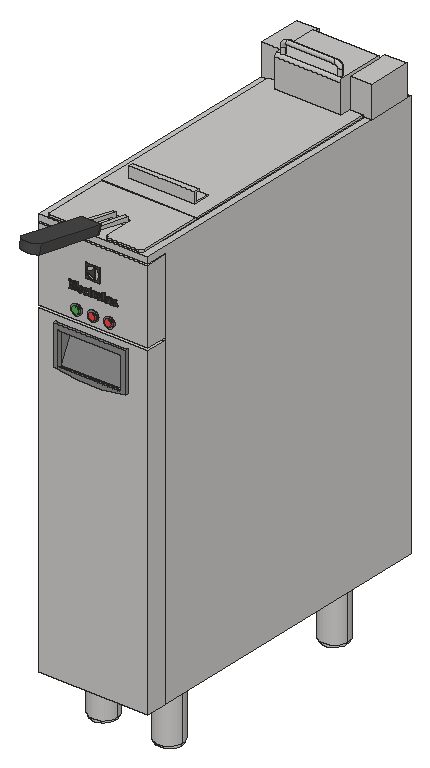
Revit family "QF_ELECTROLUXPROFESSIONAL_285561_EXFRPB1BWF", category Specialty Equipment, Revit 2018
Family settings
  Round Connector Dimension = Use Diameter
  Part Type = Normal
  Work Plane-Based = No
  Always vertical = Yes
  Cut with Voids When Loaded = No
  Shared = No
  Room Calculation Point = No
Parameters
  Weight = 0.00 kg
  Watts = 0 W
  Volts = 220 V
  URL Manufacturer = "http://professional.electrolux.com/"
  URL = "http://professional.electrolux.com/"
  Steam Supply Size = 0"
  Steam Supply Minimum Pressure = 0.00 psi
  Steam Supply Maximum Pressure = 0.00 psi
  Steam Pounds per Hour = 0
  Show Logo [instance] = yes
  Show Clearance [instance] = yes
  Refrigeration Suction Line Size = 0"
  Refrigeration Liquid Line Size = 0"
  Refrigerant Compressor Remote = yes
  Phase = 0
  Model = "EXFRPB1BWF"
  Manufacturer = "Electrolux"
  Length Actual = 200 mm  # constant formula
  Item Number = "285561"
  Hot Water Size = 0"
  Height Actual = 930 mm  # constant formula
  HP = "9.9 HP"
  Gas Size = 0"
  Gas KW = 0
  Gas Input Pressure = 0.0 Btu/h
  Direct Waste Size = 0"
  Description = "9LT ELECTRIC FRYER-1 WELL+1BASKET"
  Depth Actual = 600 mm  # constant formula
  Cycle = 0 Hz
  Condensate Return Size = 0"
  Compressed Air Volume = 0 GPM
  Compressed Air Size = 0"
  Compressed Air Pressure = 0.00 psi
  Cold Water Size = 0"
  Accessory = yes
Reference planes
  plane 1 "BACK": y = 0
  plane 2: z = 0
  plane 3 "LEFT": x = 0
  plane 4 "RIGHT": x = 200
  plane 5 "FRONT": y = -600
  plane 6 "TOP": z = 907
  plane 7 "Center Y": x = 100
  plane 8 "Center X": y = -300
  plane 9 "TOP A": z = 850
  plane 10: z = 100
  plane 11: y = -124
  plane 12: y = -501
  plane 13: y = -943
  plane 14: x = 160
  plane 15: x = 40
  plane 16: z = 915.999
  plane 17: z = 935
  plane 18: x = 155
  plane 19: y = -781
  plane 20: y = -755
  plane 21: y = 95
  plane 22: z = 700
  plane 23: x = 40
  plane 24: z = 935
Forms (mm)
  Extrusion 1, solid, material "QF_Finishes_Stainless Steel"
    sketch origin (0, 0, 0) x (0, 1, 0) y (0, 0, 1)
      loop
        line (0, 850) -> (-600, 850) -> (-600, 838.077) -> (-560.15, 838.077) -> (-560.15, 100) -> (0, 100) -> (0, 850)
      loop
        line (-600, 695) -> (-600, 100) -> (-561.737, 100) -> (-561.737, 695) -> (-600, 695)
      loop
        line (-561.737, 700) -> (-561.737, 835) -> (-600, 835) -> (-600, 700) -> (-561.737, 700)
    from 0 to 200
  Extrusion 2, void
    sketch origin (0, 0, 850) x (-1, 0, 0) y (0, -1, 0)
      loop
        line (-10.5, 88.124) -> (-10.5, 550.573) -> (-189.691, 550.573) -> (-189.691, 88.124) -> (-10.5, 88.124)
    from 0 to -150
  Extrusion 3, solid, material "QF_Clearances", visible <- "Show Clearance", detail levels coarse
    sketch origin (0, 0, 0) x (1, 0, 0) y (0, 1, 0)
      loop
        line (0, 0) -> (200, 0) -> (200, 95) -> (0, 95) -> (0, 0)
    from 0 to 907
  Extrusion 4, solid, material "QF_Door-Drawer Clearances", visible <- "Show Clearance", detail levels coarse
    sketch origin (0, 0, 850) x (-1, 0, 0) y (0, -1, 0)
      loop
        line (-190.5, 600) -> (-9.5, 600)
        arc (-9.5, 600) -> (-62.514, 727.986) -> (-190.5, 781) r 181
        line (-190.5, 781) -> (-190.5, 600)
    from -750 to -155
  Extrusion 5, solid, material "QF_Finishes_Stainless Steel"
    sketch origin (100, -139.304, 888.806) x (0, 1, 0) y (-1, 0, 0)
      loop
        line (49.304, 100) -> (49.304, 60) -> (129.304, 60) -> (129.304, 100) -> (49.304, 100)
      loop
        line (49.304, -100) -> (129.304, -100) -> (129.304, -60) -> (49.304, -60) -> (49.304, -100)
    from -38.806 to 18.194
  Revolve 6, solid, material "QF_Finishes_Stainless Steel"
    sketch origin (0, -501, 608.09) x (0, 0, 1) y (1, 0, 0)
      loop
        line (-608.09, 40) -> (-608.09, 17.609) -> (-603.09, 17.609) -> (-603.09, 15) -> (-508.09, 15) -> (-508.09, 40) -> (-608.09, 40)
      axis (-608.09, 40) -> (-508.09, 40)
    angle from 0 to 360
  Extrusion 7, solid, material "QF_Finishes_Stainless Steel"
    sketch origin (0, 600, 100) x (-1, 0, 0) y (0, 1, 0)
      loop
        circle (-155, -650) r 6.35
    from 0 to 8
  Revolve 8, solid, material "QF_Finishes_Stainless Steel"
    sketch origin (200, -501, 608.09) x (0, 0, 1) y (1, 0, 0)
      loop
        line (-608.09, -40) -> (-508.09, -40) -> (-508.09, -15) -> (-603.09, -15) -> (-603.09, -17.609) -> (-608.09, -17.609) -> (-608.09, -40)
      axis (-608.09, -40) -> (-508.09, -40)
    angle from 0 to 360
  Revolve 9, solid, material "QF_Finishes_Stainless Steel"
    sketch origin (0, -124, 608.09) x (0, 0, 1) y (-1, 0, 0)
      loop
        line (-608.09, -40) -> (-508.09, -40) -> (-508.09, -15) -> (-603.09, -15) -> (-603.09, -17.609) -> (-608.09, -17.609) -> (-608.09, -40)
      axis (-608.09, -40) -> (-508.09, -40)
    angle from 0 to 360
  Revolve 10, solid, material "QF_Finishes_Stainless Steel"
    sketch origin (200, -124, 608.09) x (0, 0, 1) y (-1, 0, 0)
      loop
        line (-608.09, 40) -> (-608.09, 17.609) -> (-603.09, 17.609) -> (-603.09, 15) -> (-508.09, 15) -> (-508.09, 40) -> (-608.09, 40)
      axis (-608.09, 40) -> (-508.09, 40)
    angle from 0 to 360
  Extrusion 11, void
    sketch origin (0, 0, 0) x (0, 1, 0) y (0, 0, 1)
      loop
        line (-600, 615) -> (-570, 675) -> (-600, 675) -> (-600, 615)
    from 40 to 155
  Extrusion 12, solid, material "QF_Finishes_grey"
    sketch origin (0, -600, 695) x (0, 0, -1) y (1, 0, 0)
      loop
        line (20, 40) -> (80, 40) -> (80, 155) -> (20, 155) -> (20, 40)
      loop
        line (10, 32) -> (82.581, 32)
        arc (82.581, 32) -> (90.011, 97.5) -> (82.581, 163) r 292.45
        line (82.581, 163) -> (10, 163) -> (10, 32)
    from 0 to 5
  Extrusion 13, solid, material "QF_Finishes_Red"
    sketch origin (39.327, -600, 649.266) x (0, 0, 1) y (-1, 0, 0)
      loop
        circle (68.272, -60.648) r 6.35
    from 0 to 3.175
  Extrusion 14, solid, material "QF_Finishes_grey"
    sketch origin (0, -600, 700) x (0, 0, 1) y (-1, 0, 0)
      loop
        circle (17.537, -99.975) r 6.35
      loop
        circle (17.537, -99.975) r 9.35
    from 0 to 1.394
  Extrusion 15, solid, material "QF_Finishes_Red"
    sketch origin (69.327, -600, 649.266) x (0, 0, 1) y (-1, 0, 0)
      loop
        circle (68.272, -60.648) r 6.35
    from 0 to 3.175
  Extrusion 16, solid, material "QF_Finishes_grey"
    sketch origin (30, -600, 700) x (0, 0, 1) y (-1, 0, 0)
      loop
        circle (17.537, -99.975) r 6.35
      loop
        circle (17.537, -99.975) r 9.35
    from 0 to 1.394
  Extrusion 17, solid, material "QF_Finishes_Green"
    sketch origin (9.327, -600, 649.266) x (0, 0, 1) y (-1, 0, 0)
      loop
        circle (68.272, -60.648) r 6.35
    from 0 to 3.175
  Extrusion 18, solid, material "QF_Finishes_grey"
    sketch origin (-30, -600, 700) x (0, 0, 1) y (-1, 0, 0)
      loop
        circle (17.537, -99.975) r 6.35
      loop
        circle (17.537, -99.975) r 9.35
    from 0 to 1.394
  Extrusion 19, solid, material "QF_Finishes_Black", visible <- "Show Logo"
    sketch origin (-109.987, -600, 729.585) x (0, 0, 1) y (-1, 0, 0)
      loop
        arc (33.355, -167.066) -> (33.007, -166.709) -> (32.64, -167.047) r 0.358
        arc (32.64, -167.047) -> (32.326, -167.797) -> (31.609, -168.182) r 1.216
        line (31.609, -168.182) -> (21.197, -168.182)
        arc (21.197, -168.182) -> (20.537, -167.904) -> (20.141, -167.308) r 1.238
        arc (20.141, -167.308) -> (19.746, -167.057) -> (19.44, -167.411) r 0.358
        line (19.44, -167.411) -> (19.44, -177.29) -> (22.191, -177.29) -> (22.191, -176.393)
        arc (22.191, -176.393) -> (21.282, -175.813) -> (20.827, -174.836) r 1.928
        line (20.827, -174.836) -> (20.827, -172.337)
        arc (20.827, -172.337) -> (21.102, -171.608) -> (21.791, -171.244) r 1.101
        line (21.791, -171.244) -> (25.877, -171.244) -> (25.877, -174.917)
        arc (25.877, -174.917) -> (25.525, -175.414) -> (24.959, -175.642) r 1.083
        arc (24.959, -175.642) -> (24.696, -175.948) -> (24.988, -176.226) r 0.292
        line (24.988, -176.226) -> (27.95, -176.226)
        arc (27.95, -176.226) -> (28.253, -175.953) -> (28.014, -175.623) r 0.305
        arc (28.014, -175.623) -> (27.524, -175.375) -> (27.219, -174.917) r 1.083
        line (27.219, -174.917) -> (27.219, -171.244) -> (31.896, -171.244) -> (31.896, -174.991)
        arc (31.896, -174.991) -> (31.682, -175.747) -> (31.075, -176.245) r 1.314
        arc (31.075, -176.245) -> (30.856, -176.649) -> (31.211, -176.941) r 0.361
        line (31.211, -176.941) -> (33.355, -176.941) -> (33.355, -167.066)
      loop
        arc (32.638, -177.722) -> (32.257, -178.641) -> (31.339, -179.021) r 1.299
        line (31.339, -179.021) -> (21.76, -179.021)
        arc (21.76, -179.021) -> (20.922, -178.643) -> (20.65, -177.765) r 1.118
        line (20.65, -177.765) -> (19.44, -177.765) -> (19.44, -183.115) -> (20.629, -183.115)
        arc (20.629, -183.115) -> (20.9, -182.198) -> (21.77, -181.802) r 1.153
        line (21.77, -181.802) -> (33.843, -181.802) -> (32.638, -177.722)
      loop
        line (24.405, -185.751) -> (24.405, -192.198) -> (25.204, -192.198)
        arc (25.204, -192.198) -> (27.785, -191.214) -> (29.053, -188.76) r 3.874
        line (29.053, -188.76) -> (29.053, -187)
        arc (29.053, -187) -> (27.867, -184.135) -> (25.002, -182.949) r 4.051
        line (25.002, -182.949) -> (22.994, -182.949)
        arc (22.994, -182.949) -> (20.176, -184.434) -> (19.124, -187.441) r 4.352
        arc (19.124, -187.441) -> (19.489, -189.904) -> (20.866, -191.978) r 5.713
        line (20.866, -191.978) -> (21.815, -191.978)
        arc (21.815, -191.978) -> (21.082, -190.409) -> (20.866, -188.691) r 5.579
        arc (20.866, -188.691) -> (21.66, -186.728) -> (23.539, -185.751) r 3.057
        line (23.539, -185.751) -> (24.405, -185.751)
      loop
        line (25.665, -185.751) -> (25.665, -189.333)
        arc (25.665, -189.333) -> (27.121, -189.38) -> (28.004, -188.221) r 1.59
        line (28.004, -188.221) -> (28.004, -187.391)
        arc (28.004, -187.391) -> (27.14, -186.136) -> (25.665, -185.751) r 2.184
      loop
        arc (28.455, -201.616) -> (28.944, -199.942) -> (29.102, -198.205) r 9.023
        line (29.102, -198.205) -> (29.102, -196.843)
        arc (29.102, -196.843) -> (27.942, -194.043) -> (25.143, -192.883) r 3.959
        line (25.143, -192.883) -> (22.543, -192.883)
        arc (22.543, -192.883) -> (20.261, -194.176) -> (19.143, -196.548) r 4.331
        line (19.143, -196.548) -> (19.143, -198.684)
        arc (19.143, -198.684) -> (19.652, -200.234) -> (20.573, -201.58) r 5.772
        arc (20.573, -201.58) -> (21.335, -201.631) -> (21.422, -200.872) r 0.553
        arc (21.422, -200.872) -> (21.034, -200.138) -> (20.9, -199.319) r 2.573
        line (20.9, -199.319) -> (20.9, -197.804)
        arc (20.9, -197.804) -> (21.906, -196.162) -> (23.72, -195.52) r 2.884
        line (23.72, -195.52) -> (24.999, -195.52)
        arc (24.999, -195.52) -> (26.82, -196.08) -> (27.747, -197.745) r 2.554
        line (27.747, -197.745) -> (27.747, -198.798)
        arc (27.747, -198.798) -> (27.415, -199.726) -> (26.758, -200.461) r 2.564
        arc (26.758, -200.461) -> (26.537, -201.178) -> (27.146, -201.616) r 0.643
        line (27.146, -201.616) -> (28.455, -201.616)
      loop
        line (27.437, -201.886) -> (27.437, -203.387) -> (21.389, -203.387)
        arc (21.389, -203.387) -> (19.801, -204.045) -> (19.143, -205.633) r 2.246
        line (19.143, -205.633) -> (19.143, -207.217)
        arc (19.143, -207.217) -> (19.457, -208.081) -> (19.958, -208.853) r 4.06
        arc (19.958, -208.853) -> (20.69, -208.986) -> (20.942, -208.285) r 0.576
        arc (20.942, -208.285) -> (20.836, -207.759) -> (20.9, -207.227) r 1.69
        arc (20.9, -207.227) -> (21.441, -206.439) -> (22.348, -206.136) r 1.506
        line (22.348, -206.136) -> (27.486, -206.136) -> (27.486, -208.533) -> (28.042, -209.089) -> (28.864, -209.089) -> (28.864, -206.23) -> (32.095, -206.23) -> (27.437, -201.886)
      loop
        line (19.361, -209.987) -> (19.361, -215.374) -> (20.471, -215.374)
        arc (20.471, -215.374) -> (20.865, -214.423) -> (21.816, -214.029) r 1.345
        line (21.816, -214.029) -> (25.432, -214.029)
        arc (25.432, -214.029) -> (26.197, -214.621) -> (26.486, -215.543) r 1.615
        line (26.486, -215.543) -> (26.486, -217.099) -> (29.042, -217.784) -> (29.042, -216.401) -> (27.099, -213.842) -> (28.98, -213.842) -> (28.695, -211.136)
        arc (28.695, -211.136) -> (28.256, -210.606) -> (27.597, -210.807) r 0.621
        arc (27.597, -210.807) -> (27.197, -211.149) -> (26.703, -211.332) r 1.501
        line (26.703, -211.332) -> (21.816, -211.332)
        arc (21.816, -211.332) -> (20.865, -210.938) -> (20.471, -209.987) r 1.345
        line (20.471, -209.987) -> (19.361, -209.987)
      loop
        line (25.463, -217.321) -> (22.771, -217.321)
        arc (22.771, -217.321) -> (20.325, -218.629) -> (19.191, -221.159) r 4.288
        arc (19.191, -221.159) -> (19.128, -222.54) -> (19.191, -223.92) r 15.022
        arc (19.191, -223.92) -> (20.325, -226.451) -> (22.771, -227.758) r 4.288
        line (22.771, -227.758) -> (25.463, -227.758)
        arc (25.463, -227.758) -> (27.908, -226.451) -> (29.042, -223.92) r 4.288
        arc (29.042, -223.92) -> (29.106, -222.54) -> (29.042, -221.159) r 15.022
        arc (29.042, -221.159) -> (27.908, -218.629) -> (25.463, -217.321) r 4.288
      loop
        line (25.668, -220.435) -> (22.566, -220.435)
        arc (22.566, -220.435) -> (20.409, -222.592) -> (22.566, -224.749) r 2.157
        line (22.566, -224.749) -> (25.668, -224.749)
        arc (25.668, -224.749) -> (27.824, -222.592) -> (25.668, -220.435) r 2.157
      loop
        arc (32.648, -227.616) -> (32.278, -228.51) -> (31.384, -228.881) r 1.264
        line (31.384, -228.881) -> (21.52, -228.881)
        arc (21.52, -228.881) -> (20.65, -228.484) -> (20.378, -227.568) r 1.153
        line (20.378, -227.568) -> (19.44, -227.568) -> (19.44, -232.676) -> (20.369, -232.676)
        arc (20.369, -232.676) -> (20.728, -231.904) -> (21.52, -231.589) r 1.153
        line (21.52, -231.589) -> (33.843, -231.589) -> (32.648, -227.616)
      loop
        arc (27.769, -232.214) -> (27.569, -233.278) -> (26.6, -233.76) r 1.215
        line (26.6, -233.76) -> (21.58, -233.76)
        arc (21.58, -233.76) -> (19.966, -234.407) -> (19.245, -235.99) r 2.338
        line (19.245, -235.99) -> (19.245, -237.505)
        arc (19.245, -237.505) -> (19.419, -238.509) -> (19.922, -239.395) r 2.979
        line (19.922, -239.395) -> (19.44, -241.192) -> (19.44, -242.88) -> (28.866, -242.88) -> (28.572, -238.677) -> (27.786, -238.677)
        arc (27.786, -238.677) -> (27.43, -239.513) -> (26.678, -240.022) r 1.605
        line (26.678, -240.022) -> (21.575, -240.022)
        arc (21.575, -240.022) -> (21.154, -239.085) -> (21.082, -238.061) r 2.94
        arc (21.082, -238.061) -> (21.643, -236.96) -> (22.796, -236.517) r 1.724
        line (22.796, -236.517) -> (28.992, -236.517) -> (27.769, -232.214)
      loop
        line (28.797, -243.734) -> (27.125, -245.78) -> (23.951, -248.086) -> (20.494, -244.974)
        arc (20.494, -244.974) -> (20.257, -244.58) -> (20.28, -244.121) r 0.789
        line (20.28, -244.121) -> (19.44, -244.121) -> (19.44, -247.666) -> (20.267, -247.666)
        arc (20.267, -247.666) -> (20.609, -247.304) -> (21.099, -247.396) r 0.52
        line (21.099, -247.396) -> (22.899, -248.867) -> (20.781, -250.243)
        arc (20.781, -250.243) -> (20.38, -249.933) -> (20.293, -249.433) r 0.7
        line (20.293, -249.433) -> (19.44, -249.433) -> (19.44, -255.36) -> (20.327, -255.36)
        arc (20.327, -255.36) -> (20.394, -254.701) -> (20.789, -254.17) r 1.247
        line (20.789, -254.17) -> (24.989, -250.889) -> (27.436, -252.942) -> (28.797, -254.684) -> (28.797, -250.96) -> (27.312, -251.383) -> (25.79, -250.106) -> (27.491, -248.916) -> (28.797, -249.692) -> (28.797, -243.734)
      loop
        line (70.086, -213.413) -> (47.032, -213.413)
        arc (47.032, -213.413) -> (58.559, -221.935) -> (70.086, -213.413) r 12.057
      loop
        arc (70.086, -212.24) -> (67.907, -202.653) -> (59.227, -198.033) r 11.816
        line (59.227, -198.033) -> (59.227, -201.847)
        arc (59.227, -201.847) -> (61.993, -208.661) -> (68.417, -212.24) r 11.075
        line (68.417, -212.24) -> (70.086, -212.24)
      loop
        arc (48.441, -212.24) -> (54.864, -208.661) -> (57.63, -201.847) r 11.075
        line (57.63, -201.847) -> (57.63, -198.058)
        arc (57.63, -198.058) -> (49.006, -202.72) -> (46.669, -212.24) r 12.096
        line (46.669, -212.24) -> (48.441, -212.24)
      loop
        line (71.344, -197.158) -> (45.722, -197.158) -> (45.722, -222.815) -> (71.344, -222.815) -> (71.344, -197.158)
    from 0 to 1.644
  Sweep 20, solid, material "QF_Finishes_Stainless Steel"
    path origin (-1.25, 52.5, 0) x (1, 0, 0) y (0, 0, 1)
      loop
        line (51.187, 910.561) -> (51.187, 921.65)
        arc (51.187, 921.65) -> (53.047, 926.14) -> (57.537, 928) r 6.35
        line (57.537, 928) -> (145.725, 928)
        arc (145.725, 928) -> (149.508, 926.433) -> (151.075, 922.65) r 5.35
        line (151.075, 922.65) -> (151.075, 910.561)
    profile origin (49.937, 52.5, 916.105) x (-1, 0, 0) y (0, -1, 0)
      loop
        circle (2.09, 153.254) r 3.827
  Extrusion 21, solid, material "QF_Finishes_Stainless Steel"
    sketch origin (0, 65, 0) x (0, 1, 0) y (0, 0, 1)
      loop
        line (-88.124, 910.561) -> (-170, 910.561)
        arc (-170, 910.561) -> (-173.536, 909.096) -> (-175, 905.561) r 5
        line (-175, 905.561) -> (-175, 850) -> (-88.124, 850) -> (-88.124, 910.561)
    from 40 to 160
  Extrusion 22, solid, material "QF_Finishes_Mesh"
    sketch origin (178.262, -64.779, 844.25) x (-1, 0, 0) y (0, -1, 0)
      loop
        arc (123.4, 118.481) -> (141.36, 125.92) -> (148.8, 143.881) r 25.4
        line (148.8, 143.881) -> (148.8, 376.11)
        arc (148.8, 376.11) -> (141.36, 394.071) -> (123.4, 401.51) r 25.4
        line (123.4, 401.51) -> (33.125, 401.51)
        arc (33.125, 401.51) -> (15.164, 394.071) -> (7.725, 376.11) r 25.4
        line (7.725, 376.11) -> (7.725, 143.881)
        arc (7.725, 143.881) -> (15.164, 125.92) -> (33.125, 118.481) r 25.4
        line (33.125, 118.481) -> (123.4, 118.481)
      loop
        arc (123.4, 121.656) -> (139.115, 128.165) -> (145.625, 143.881) r 22.225
        line (145.625, 143.881) -> (145.625, 376.11)
        arc (145.625, 376.11) -> (139.115, 391.826) -> (123.4, 398.335) r 22.225
        line (123.4, 398.335) -> (33.125, 398.335)
        arc (33.125, 398.335) -> (17.409, 391.826) -> (10.9, 376.11) r 22.225
        line (10.9, 376.11) -> (10.9, 143.881)
        arc (10.9, 143.881) -> (17.409, 128.165) -> (33.125, 121.656) r 22.225
        line (33.125, 121.656) -> (123.4, 121.656)
    from -109 to -5.315
  Extrusion 23, solid, material "QF_Finishes_Black"
    sketch origin (234.175, -818.725, 918.681) x (0, 0.980628, -0.195878) y (-1, 0, 0)
      loop
        arc (79.035, 152.655) -> (68.808, 134.038) -> (79.035, 115.42) r 22.059
        line (79.035, 115.42) -> (214.834, 115.42)
        arc (214.834, 115.42) -> (217.308, 116.446) -> (218.334, 118.92) r 3.5
        line (218.334, 118.92) -> (218.334, 149.146)
        arc (218.334, 149.146) -> (217.306, 151.628) -> (214.824, 152.655) r 3.509
        line (214.824, 152.655) -> (79.035, 152.655)
    from -15.884 to 0
  Extrusion 24, solid, material "QF_Finishes_Stainless Steel"
    sketch origin (0, 0, 850) x (0, -1, 0) y (1, 0, 0)
      loop
        arc (90, 18.5) -> (91.464, 14.964) -> (95, 13.5) r 5
        line (95, 13.5) -> (472, 13.5) -> (472, 186.691) -> (95, 186.691)
        arc (95, 186.691) -> (91.464, 185.227) -> (90, 181.691) r 5
        line (90, 181.691) -> (90, 165)
        arc (90, 165) -> (91.464, 161.464) -> (95, 160) r 5
        line (95, 160) -> (110, 160) -> (110, 40) -> (95, 40)
        arc (95, 40) -> (91.464, 38.536) -> (90, 35) r 5
        line (90, 35) -> (90, 18.5)
      loop
        line (473, 186.691) -> (473, 13.5) -> (592, 13.5)
        arc (592, 13.5) -> (595.536, 14.964) -> (597, 18.5) r 5
        line (597, 18.5) -> (597, 75.55)
        arc (597, 75.55) -> (595.536, 79.086) -> (592, 80.55) r 5
        line (592, 80.55) -> (543.238, 80.55)
        arc (543.238, 80.55) -> (539.703, 82.014) -> (538.238, 85.55) r 5
        line (538.238, 85.55) -> (538.238, 114.641)
        arc (538.238, 114.641) -> (539.703, 118.177) -> (543.238, 119.641) r 5
        line (543.238, 119.641) -> (592, 119.641)
        arc (592, 119.641) -> (595.536, 121.106) -> (597, 124.641) r 5
        line (597, 124.641) -> (597, 181.691)
        arc (597, 181.691) -> (595.536, 185.227) -> (592, 186.691) r 5
        line (592, 186.691) -> (473, 186.691)
    from 0 to 3
  Extrusion 25, solid, material "QF_Finishes_Stainless Steel"
    sketch origin (166.074, -30.154, 119.93) x (0, 0.984808, 0.173648) y (0, -0.173648, 0.984808)
      loop
        line (-380.327, 769.003) -> (-372.194, 815.127) -> (-436.107, 840.041) -> (-438.413, 834.124) -> (-379.351, 811.102) -> (-387.692, 763.803) -> (-308.907, 749.911) -> (-307.796, 756.214) -> (-380.327, 769.003)
    from -80.476 to -74.619
  Extrusion 26, solid, material "QF_Finishes_Stainless Steel"
    sketch origin (34.2, -30.154, 119.93) x (0, 0.984808, 0.173648) y (0, 0.173648, -0.984808)
      loop
        line (-372.194, -815.127) -> (-380.327, -769.003) -> (-307.796, -756.214) -> (-308.907, -749.911) -> (-387.692, -763.803) -> (-379.351, -811.102) -> (-438.413, -834.124) -> (-436.107, -840.041) -> (-372.194, -815.127)
    from -80.476 to -74.619
  Extrusion 27, solid, material "QF_Finishes_Stainless Steel"
    sketch origin (13.5, -88.124, 850) x (0, -1, 0) y (0, 0, 1)
      loop
        line (354.876, 3) -> (354.876, 23) -> (346.126, 23) -> (346.126, 20) -> (351.876, 20) -> (351.876, 5) -> (324.876, 5) -> (324.876, 3) -> (354.876, 3)
    from -26.5 to -146.5
Cuts and joins
  Extrusion 2, Extrusion 11 cuts Extrusion 1
  Extrusion 11 cuts Extrusion 4
Lines and regions (mm)
  symbolic lines, style "QF_Clearances", visible <- "Show Clearance", detail levels coarse
    curve 1: line (200, 95, 850) -> (0, 95, 850)
  symbolic lines
    curve 2: line (0, -600, 850) -> (0, 0, 850)
    curve 3: line (190.5, -90, 850) -> (190.5, -600, 850)
    curve 4: line (11.548, -90, 850) -> (11.548, -597, 850)
    curve 5: line (11.548, -597, 850) -> (75.55, -597, 850)
    curve 6: line (124.641, -597, 850) -> (188.452, -597, 850)
    curve 7: line (188.452, -597, 850) -> (188.452, -90, 850)
    curve 8: line (200, -90, 850) -> (160, -90, 850)
    curve 9: line (200, -600, 850) -> (0, -600, 850)
    curve 11: line (40, -23.124, 850) -> (40, -110, 850)
    curve 12: line (40, -110, 850) -> (160, -110, 850)
    curve 13: line (160, -110, 850) -> (160, -23.124, 850)
    curve 14: line (40, -23.124, 850) -> (160, -23.124, 850)
    curve 15: line (40, -88.124, 850) -> (160, -88.124, 850)
    curve 16: line (40, -90, 850) -> (0, -90, 850)
    curve 17: line (0, 0, 850) -> (200, 0, 850)
    curve 19: line (47.824, -96.927, 850) -> (151.941, -96.927, 850)
    curve 20: line (151.941, -104.585, 850) -> (47.824, -104.585, 850)
    curve 21: arc (151.941, -96.927, 850) -> (155.77, -100.756, 850) -> (151.941, -104.585, 850) r 3.829
    curve 22: arc (47.824, -96.927, 850) -> (43.995, -100.756, 850) -> (47.824, -104.585, 850) r 3.829
    curve 23: line (40, -23.124, 0) -> (40, -10, 0)
    curve 24: line (40, -10, 0) -> (0, -10, 0)
    curve 25: line (0, -10, 0) -> (0, -90, 0)
    curve 26: line (160, -23.124, 0) -> (160, -10, 0)
    curve 27: line (160, -10, 0) -> (200, -10, 0)
    curve 28: line (200, 0, 0) -> (200, -600, 0)
    curve 29: arc (119.641, -592, 0) -> (121.106, -595.536, 0) -> (124.641, -597, 0) r 5
    curve 30: line (119.641, -543.238, 0) -> (119.641, -592, 0)
    curve 31: arc (114.641, -538.238, 0) -> (118.177, -539.703, 0) -> (119.641, -543.238, 0) r 5
    curve 32: line (85.55, -538.238, 0) -> (114.641, -538.238, 0)
    curve 33: arc (80.55, -543.238, 0) -> (82.014, -539.703, 0) -> (85.55, -538.238, 0) r 5
    curve 34: line (80.55, -592, 0) -> (80.55, -543.238, 0)
    curve 35: arc (75.55, -597, 0) -> (79.086, -595.536, 0) -> (80.55, -592, 0) r 5
    curve 36: line (81.52, -608.062, 0) -> (81.52, -744.332, 0)
    curve 37: spline (85.029, -604.621, 0) -> (84.571, -604.65, 0) -> (84.121, -604.738, 0) -> (83.686, -604.883, 0) -> (83.274, -605.082, 0) -> (82.893, -605.332, 0) -> (82.547, -605.628, 0) -> (82.245, -605.967, 0) -> (81.99, -606.341, 0) -> (81.787, -606.745, 0) -> (81.639, -607.171, 0) -> (81.55, -607.613, 0) -> (81.52, -608.062, 0)
    curve 38: line (115.255, -604.621, 0) -> (85.029, -604.621, 0)
    curve 39: spline (118.755, -608.053, 0) -> (118.725, -607.605, 0) -> (118.635, -607.164, 0) -> (118.488, -606.739, 0) -> (118.286, -606.337, 0) -> (118.031, -605.963, 0) -> (117.729, -605.626, 0) -> (117.385, -605.33, 0) -> (117.005, -605.08, 0) -> (116.594, -604.882, 0) -> (116.16, -604.738, 0) -> (115.711, -604.65, 0) -> (115.255, -604.621, 0)
    curve 40: line (118.755, -744.332, 0) -> (118.755, -608.053, 0)
    curve 41: spline (118.755, -744.332, 0) -> (116.522, -747.213, 0) -> (113.832, -749.688, 0) -> (110.758, -751.689, 0) -> (107.387, -753.16, 0) -> (103.814, -754.059, 0) -> (100.137, -754.361, 0) -> (96.461, -754.059, 0) -> (92.887, -753.16, 0) -> (89.516, -751.689, 0) -> (86.443, -749.688, 0) -> (83.752, -747.213, 0) -> (81.52, -744.332, 0)
    curve 42: line (13.5, -592, 0) -> (13.5, -473, 0)
    curve 43: line (13.5, -473, 0) -> (186.691, -473, 0)
    curve 44: line (186.691, -473, 0) -> (186.691, -592, 0)
    curve 45: arc (181.691, -597, 0) -> (185.227, -595.536, 0) -> (186.691, -592, 0) r 5
    curve 46: arc (13.5, -592, 0) -> (14.964, -595.536, 0) -> (18.5, -597, 0) r 5
    curve 47: line (13.5, -472, 0) -> (186.691, -472, 0)
    curve 48: line (186.691, -472, 0) -> (186.691, -95, 0)
    curve 49: line (13.5, -95, 0) -> (13.5, -472, 0)
    curve 50: arc (40, -95, 0) -> (38.536, -91.464, 0) -> (35, -90, 0) r 5
    curve 51: arc (18.5, -90, 0) -> (14.964, -91.464, 0) -> (13.5, -95, 0) r 5
    curve 52: arc (165, -90, 0) -> (161.464, -91.464, 0) -> (160, -95, 0) r 5
    curve 53: arc (186.691, -95, 0) -> (185.227, -91.464, 0) -> (181.691, -90, 0) r 5
    curve 54: line (63.625, -600, 0) -> (63.625, -603.175, 0)
    curve 55: line (63.625, -603.175, 0) -> (76.325, -603.175, 0)
    curve 56: line (76.325, -603.175, 0) -> (76.325, -600, 0)
    curve 57: line (106.325, -603.175, 0) -> (106.325, -600, 0)
    curve 58: line (106.325, -603.175, 0) -> (93.625, -603.175, 0)
    curve 59: line (91.456, -538.238, 0) -> (91.456, -604.621, 0)
    curve 60: line (108.819, -538.238, 0) -> (108.819, -604.621, 0)
    curve 61: line (114.676, -538.238, 0) -> (114.676, -604.621, 0)
    curve 62: line (85.599, -538.238, 0) -> (85.599, -604.621, 0)
    curve 63: line (93.625, -603.175, 0) -> (93.625, -600, 0)
    curve 64: line (136.325, -603.175, 0) -> (123.625, -603.175, 0)
    curve 65: line (123.625, -603.175, 0) -> (123.625, -600, 0)
    curve 66: line (136.325, -603.175, 0) -> (136.325, -600, 0)
    curve 67: line (45, -413, 0) -> (155, -413, 0)
    curve 68: line (40, -443, 0) -> (40, -418, 0)
    curve 69: line (160, -443, 0) -> (40, -443, 0)
    curve 70: line (160, -418, 0) -> (160, -443, 0)
    curve 71: line (45, -434.25, 0) -> (155, -434.25, 0)
    curve 72: arc (40, -418, 0) -> (41.464, -414.464, 0) -> (45, -413, 0) r 5
    curve 73: arc (155, -413, 0) -> (158.536, -414.464, 0) -> (160, -418, 0) r 5
    curve 74: arc (40, -439.25, 0) -> (41.464, -435.714, 0) -> (45, -434.25, 0) r 5
    curve 75: arc (160, -439.25, 0) -> (158.536, -435.714, 0) -> (155, -434.25, 0) r 5
  symbolic lines, style "QF_Door-Drawer Clearances"
    curve 10: line (190.5, -781, 850) -> (190.5, -600, 850)
    curve 18: arc (9.5, -600, 0) -> (62.514, -727.986, 0) -> (190.5, -781, 0) r 181
Dimensions and locks
  equal spacing: plane 3 "LEFT", plane 7 "Center Y", plane 4 "RIGHT"
  plane 3 "LEFT" to plane 4 "RIGHT" = 200 mm
  equal spacing: plane 5 "FRONT", plane 8 "Center X", plane 1 "BACK"
  plane 5 "FRONT" to plane 1 "BACK" = 600 mm  (x2)
  plane 1 "BACK" to plane 5 "FRONT" = 600 mm
  plane 10 to level = 100 mm  (x2)
  plane 1 "BACK" to plane 11 = 124 mm
  plane 11 to plane 12 = 377 mm
  locked: plane 12 to cut or joined group of Extrusion 1, Extrusion 2, Extrusion 11 at 99
  locked: plane 13 to plane 5 "FRONT" at 343
  plane 4 "RIGHT" to plane 14 = 40 mm
  plane 15 to plane 3 "LEFT" = 40 mm
  plane 16 to plane 9 "TOP A" = 65.999 mm
  plane 9 "TOP A" to plane 17 = 85 mm
  plane 4 "RIGHT" to plane 3 "LEFT" = 200 mm
  plane 9 "TOP A" to plane 10 = 750 mm
  plane 6 "TOP" to level = 907 mm
  Extrusion 7 sketch curve to plane 1 "BACK" = 50 mm
  Extrusion 7 sketch curve to plane 4 "RIGHT" = 45 mm
  plane 10 to Extrusion 7 = 8 mm  (x2)
  plane 18 to plane 4 "RIGHT" = 45 mm
  plane 1 "BACK" to Extrusion 7 = 50 mm
  plane 5 "FRONT" to plane 19 = 181 mm
  plane 5 "FRONT" to plane 20 = 155 mm
  curve 1 to plane 1 "BACK" = 95 mm
  plane 9 "TOP A" to Extrusion 3 = 850 mm
  Revolve 6 sketch curve to Revolve 6 sketch curve = 25 mm
  Revolve 8 sketch curve to Revolve 8 sketch curve = 25 mm
  Revolve 9 sketch curve to Revolve 9 sketch curve = 25 mm
  Revolve 10 sketch curve to Revolve 10 sketch curve = 25 mm
  plane 1 "BACK" to plane 20 = 755 mm
  aligned and locked: level to plane 2
  aligned and locked: plane 4 "RIGHT" to Extrusion 1
  aligned and locked: plane 6 "TOP" to Extrusion 3
  aligned and locked: plane 6 "TOP" to Extrusion 5
  aligned and locked: plane 12 to Revolve 6
  aligned and locked: Extrusion 3 sketch curve to plane 21
  aligned and locked: Extrusion 3 to plane 3 "LEFT"
  aligned and locked: plane 4 "RIGHT" to Extrusion 3
  aligned and locked: Extrusion 2 to Extrusion 1
  aligned and locked: cut or joined group of Extrusion 1, Extrusion 2, Extrusion 11 to Extrusion 4
  aligned and locked: plane 15 to Revolve 6 sketch curve
  aligned and locked: Extrusion 11 sketch curve to plane 5 "FRONT"
  aligned and locked: Extrusion 5 sketch curve to Extrusion 5 sketch curve  (x2)
Automatic sketch dimensions
  Revolve 6 sketch curve to level = 0 mm
  Revolve 6 sketch curve to plane 10 = 0 mm  (x2)
  plane 15 to Revolve 6 sketch curve = 0 mm
  level to Revolve 6 sketch curve = 5 mm
  Revolve 6 sketch curve to Revolve 6 sketch curve = 2.609 mm
  plane 10 to Revolve 6 sketch curve = 20 mm
  Revolve 8 sketch curve to level = 0 mm
  Revolve 8 sketch curve to plane 10 = 0 mm  (x2)
  plane 14 to Revolve 8 sketch curve = 0 mm  (x2)
  level to Revolve 8 sketch curve = 5 mm
  Revolve 8 sketch curve to Revolve 8 sketch curve = 2.609 mm
  plane 10 to Revolve 8 sketch curve = 20 mm
  Revolve 9 sketch curve to level = 0 mm
  Revolve 9 sketch curve to plane 10 = 0 mm  (x2)
  Revolve 9 sketch curve to plane 15 = 0 mm  (x2)
  level to Revolve 9 sketch curve = 5 mm
  Revolve 9 sketch curve to Revolve 9 sketch curve = 2.609 mm
  plane 10 to Revolve 9 sketch curve = 20 mm
  Revolve 10 sketch curve to level = 0 mm
  Revolve 10 sketch curve to plane 10 = 0 mm  (x2)
  Revolve 10 sketch curve to plane 14 = 0 mm  (x2)
  level to Revolve 10 sketch curve = 5 mm
  Revolve 10 sketch curve to Revolve 10 sketch curve = 2.609 mm
  plane 10 to Revolve 10 sketch curve = 20 mm
  plane 9 "TOP A" to Sweep 20 sketch curve = 60.561 mm  (x2)
  plane 16 to Sweep 20 sketch curve = 5.651 mm
  plane 15 to Sweep 20 sketch curve = 9.937 mm
  plane 17 to Sweep 20 sketch curve = 7 mm
  plane 18 to Sweep 20 sketch curve = 10.525 mm
  plane 18 to Sweep 20 sketch curve = 5.175 mm
  Sweep 20 sketch curve to profile plane = 2.09 mm
  profile plane to Sweep 20 sketch curve = 153.254 mm
  Extrusion 23 sketch curve to plane 7 "Center Y" = 18.48 mm
  Extrusion 23 sketch curve to Extrusion 23 sketch curve = 0 mm
  plane 7 "Center Y" to Extrusion 23 sketch curve = 0.137 mm
  Extrusion 23 sketch curve to Extrusion 23 sketch curve = 11.832 mm
  Extrusion 23 sketch curve to plane 7 "Center Y" = 14.971 mm
  Extrusion 23 sketch curve to Extrusion 23 sketch curve = 123.958 mm
  Extrusion 23 sketch curve to Extrusion 23 sketch curve = 3.5 mm
  Extrusion 1 sketch curve to plane 5 "FRONT" = 0 mm  (x3)
  Extrusion 1 sketch curve to plane 22 = 0 mm
  Extrusion 1 sketch curve to plane 10 = 0 mm  (x2)
  Extrusion 1 sketch curve to plane 1 "BACK" = 0 mm
  Extrusion 1 sketch curve to plane 9 "TOP A" = 0 mm
  Extrusion 1 sketch curve to plane 9 "TOP A" = 15 mm
  Extrusion 1 sketch curve to plane 5 "FRONT" = 38.263 mm
  Extrusion 1 sketch curve to Extrusion 1 sketch curve = 0 mm
  Extrusion 1 sketch curve to Extrusion 1 sketch curve = 1.588 mm
  Extrusion 1 sketch curve to plane 22 = 5 mm
  Extrusion 1 sketch curve to Extrusion 1 sketch curve = 3.077 mm
  Extrusion 2 sketch curve to plane 4 "RIGHT" = 10.309 mm
  plane 3 "LEFT" to Extrusion 2 sketch curve = 10.5 mm
  Extrusion 2 sketch curve to plane 11 = 35.876 mm
  Extrusion 2 sketch curve to plane 5 "FRONT" = 49.427 mm
  Extrusion 3 sketch curve to plane 3 "LEFT" = 0 mm
  Extrusion 3 sketch curve to plane 4 "RIGHT" = 0 mm
  plane 1 "BACK" to Extrusion 3 sketch curve = 0 mm
  Extrusion 4 sketch curve to plane 19 = 0 mm
  plane 5 "FRONT" to Extrusion 4 sketch curve = 0 mm
  Extrusion 4 sketch curve to plane 4 "RIGHT" = 9.5 mm
  Extrusion 5 sketch curve to plane 3 "LEFT" = 0 mm
  Extrusion 5 sketch curve to plane 14 = 0 mm
  Extrusion 5 sketch curve to plane 15 = 0 mm
  Extrusion 5 sketch curve to plane 4 "RIGHT" = 0 mm
  Extrusion 5 sketch curve to plane 11 = 34 mm
  plane 1 "BACK" to Extrusion 5 sketch curve = 10 mm
  Extrusion 1 to Extrusion 11 sketch curve = 8.263 mm
  Extrusion 1 to Extrusion 11 sketch curve = 80 mm
  Extrusion 1 to Extrusion 11 sketch curve = 20 mm
  Extrusion 1 to Extrusion 12 sketch curve = 97.5 mm
  Extrusion 12 sketch curve to Extrusion 1 = 202.439 mm
  Extrusion 1 to Extrusion 12 sketch curve = 10 mm
  Extrusion 12 sketch curve to Extrusion 12 sketch curve = 10 mm
  Extrusion 12 sketch curve to Extrusion 12 sketch curve = 60 mm
  Extrusion 12 sketch curve to Extrusion 12 sketch curve = 2.581 mm  (x2)
  Extrusion 1 to Extrusion 12 sketch curve = 40 mm
  Extrusion 12 sketch curve to Extrusion 12 sketch curve = 8 mm  (x2)
  Extrusion 13 sketch curve to plane 7 "Center Y" = 0.025 mm
  plane 22 to Extrusion 13 sketch curve = 17.537 mm
  Extrusion 14 sketch curve to Extrusion 14 sketch curve = 0 mm  (x12)
  Extrusion 1 to Extrusion 14 sketch curve = 17.537 mm
  Extrusion 1 to Extrusion 14 sketch curve = 99.975 mm
  Extrusion 14 sketch curve to Extrusion 14 sketch curve = 6.35 mm
  Extrusion 14 sketch curve to Extrusion 14 sketch curve = 3 mm
  plane 22 to Extrusion 15 sketch curve = 17.537 mm
  plane 18 to Extrusion 15 sketch curve = 25.025 mm
  Extrusion 16 sketch curve to Extrusion 16 sketch curve = 0 mm  (x12)
  Extrusion 1 to Extrusion 16 sketch curve = 17.537 mm
  Extrusion 1 to Extrusion 16 sketch curve = 70.025 mm
  Extrusion 16 sketch curve to Extrusion 16 sketch curve = 6.35 mm
  Extrusion 16 sketch curve to Extrusion 16 sketch curve = 3 mm
  plane 22 to Extrusion 17 sketch curve = 17.537 mm
  plane 15 to Extrusion 17 sketch curve = 29.975 mm
  Extrusion 18 sketch curve to Extrusion 18 sketch curve = 0 mm  (x12)
  Extrusion 1 to Extrusion 18 sketch curve = 17.537 mm
  Extrusion 1 to Extrusion 18 sketch curve = 69.975 mm
  Extrusion 18 sketch curve to Extrusion 18 sketch curve = 6.35 mm
  Extrusion 18 sketch curve to Extrusion 18 sketch curve = 3 mm
  Extrusion 19 sketch curve to plane 7 "Center Y" = 0 mm
  plane 7 "Center Y" to Extrusion 19 sketch curve = 12.553 mm
  plane 22 to Extrusion 19 sketch curve = 43.669 mm
  Extrusion 19 sketch curve to plane 7 "Center Y" = 4.354 mm
  Extrusion 19 sketch curve to Extrusion 19 sketch curve = 5.06 mm
  Extrusion 19 sketch curve to Extrusion 19 sketch curve = 0 mm  (x17)
  Extrusion 19 sketch curve to Extrusion 19 sketch curve = 5.162 mm
  Extrusion 19 sketch curve to Extrusion 19 sketch curve = 0.218 mm
  Extrusion 19 sketch curve to Extrusion 19 sketch curve = 0.195 mm
  Extrusion 19 sketch curve to Extrusion 19 sketch curve = 0.297 mm
  Extrusion 19 sketch curve to Extrusion 19 sketch curve = 5.357 mm
  Extrusion 19 sketch curve to Extrusion 19 sketch curve = 0.358 mm
  plane 18 to Extrusion 19 sketch curve = 25.592 mm
  Extrusion 19 sketch curve to Extrusion 19 sketch curve = 0.481 mm
  Extrusion 19 sketch curve to Extrusion 19 sketch curve = 0.936 mm
  Extrusion 19 sketch curve to Extrusion 19 sketch curve = 0.826 mm
  Extrusion 19 sketch curve to Extrusion 19 sketch curve = 0.839 mm
  Extrusion 19 sketch curve to Extrusion 19 sketch curve = 0.852 mm
  Extrusion 19 sketch curve to Extrusion 19 sketch curve = 0.887 mm
  Extrusion 19 sketch curve to Extrusion 19 sketch curve = 0.928 mm
  Extrusion 19 sketch curve to Extrusion 19 sketch curve = 0.938 mm
  Extrusion 19 sketch curve to Extrusion 19 sketch curve = 1.259 mm
  Extrusion 19 sketch curve to Extrusion 19 sketch curve = 1.11 mm  (x3)
  plane 18 to Extrusion 19 sketch curve = 20.013 mm
  Extrusion 19 sketch curve to Extrusion 19 sketch curve = 0.215 mm
  Extrusion 19 sketch curve to Extrusion 19 sketch curve = 1.188 mm
  Extrusion 19 sketch curve to Extrusion 19 sketch curve = 1.21 mm  (x2)
  Extrusion 19 sketch curve to Extrusion 19 sketch curve = 0.503 mm
  plane 18 to Extrusion 19 sketch curve = 14.744 mm
  Extrusion 19 sketch curve to Extrusion 19 sketch curve = 0.488 mm
  plane 18 to Extrusion 19 sketch curve = 10.817 mm
  Extrusion 19 sketch curve to Extrusion 19 sketch curve = 0.462 mm
  Extrusion 19 sketch curve to Extrusion 19 sketch curve = 1.029 mm
  Extrusion 19 sketch curve to Extrusion 19 sketch curve = 1.723 mm
  Extrusion 19 sketch curve to Extrusion 19 sketch curve = 0.821 mm
  Extrusion 19 sketch curve to Extrusion 19 sketch curve = 0.199 mm
  Extrusion 19 sketch curve to Extrusion 19 sketch curve = 0.081 mm
  Extrusion 19 sketch curve to Extrusion 19 sketch curve = 0.743 mm
  plane 18 to Extrusion 19 sketch curve = 17.591 mm
  Extrusion 19 sketch curve to Extrusion 19 sketch curve = 0.329 mm
  Extrusion 19 sketch curve to Extrusion 19 sketch curve = 1.398 mm
  Extrusion 19 sketch curve to Extrusion 19 sketch curve = 0.129 mm
  Extrusion 19 sketch curve to Extrusion 19 sketch curve = 0.408 mm
  Extrusion 19 sketch curve to Extrusion 19 sketch curve = 1.141 mm  (x2)
  Extrusion 19 sketch curve to Extrusion 19 sketch curve = 1.151 mm
  Extrusion 19 sketch curve to Extrusion 19 sketch curve = 0.768 mm
  Extrusion 19 sketch curve to Extrusion 19 sketch curve = 1.653 mm
  Extrusion 19 sketch curve to Extrusion 19 sketch curve = 0.061 mm
  Extrusion 19 sketch curve to Extrusion 19 sketch curve = 0.964 mm
  Extrusion 19 sketch curve to Extrusion 19 sketch curve = 0.949 mm
  Extrusion 19 sketch curve to Extrusion 19 sketch curve = 1.345 mm  (x2)
  plane 7 "Center Y" to Extrusion 19 sketch curve = 1.345 mm
  Extrusion 19 sketch curve to Extrusion 19 sketch curve = 1.101 mm
  Extrusion 19 sketch curve to Extrusion 19 sketch curve = 0.432 mm
  Extrusion 19 sketch curve to Extrusion 19 sketch curve = 0.643 mm  (x2)
  Extrusion 19 sketch curve to Extrusion 19 sketch curve = 0.959 mm
  Extrusion 19 sketch curve to Extrusion 19 sketch curve = 0.176 mm
  Extrusion 19 sketch curve to Extrusion 19 sketch curve = 0.728 mm
  Extrusion 19 sketch curve to Extrusion 19 sketch curve = 1.046 mm
  Extrusion 19 sketch curve to Extrusion 19 sketch curve = 0.541 mm
  Extrusion 19 sketch curve to Extrusion 19 sketch curve = 1.251 mm
  Extrusion 19 sketch curve to Extrusion 19 sketch curve = 0.955 mm
  Extrusion 19 sketch curve to Extrusion 19 sketch curve = 0.572 mm
  plane 18 to Extrusion 19 sketch curve = 16.12 mm
  Extrusion 19 sketch curve to Extrusion 19 sketch curve = 1.92 mm
  Extrusion 19 sketch curve to Extrusion 19 sketch curve = 1.224 mm
  Extrusion 19 sketch curve to Extrusion 19 sketch curve = 0.745 mm
  Extrusion 19 sketch curve to Extrusion 19 sketch curve = 2.537 mm
  Extrusion 19 sketch curve to Extrusion 19 sketch curve = 0.896 mm  (x3)
  Extrusion 19 sketch curve to Extrusion 19 sketch curve = 0.036 mm  (x2)
  Extrusion 19 sketch curve to Extrusion 19 sketch curve = 0.479 mm
  Extrusion 19 sketch curve to Extrusion 19 sketch curve = 0.066 mm
  Extrusion 19 sketch curve to Extrusion 19 sketch curve = 0.248 mm
  Extrusion 19 sketch curve to Extrusion 19 sketch curve = 0.449 mm
  plane 18 to Extrusion 19 sketch curve = 16.901 mm
  Extrusion 19 sketch curve to Extrusion 19 sketch curve = 1.052 mm
  Extrusion 19 sketch curve to Extrusion 19 sketch curve = 0.866 mm
  Extrusion 19 sketch curve to Extrusion 19 sketch curve = 1.31 mm  (x2)
  Extrusion 19 sketch curve to Extrusion 19 sketch curve = 0.901 mm
  Extrusion 19 sketch curve to Extrusion 19 sketch curve = 1.107 mm
  Extrusion 19 sketch curve to Extrusion 19 sketch curve = 2.122 mm
  Extrusion 19 sketch curve to Extrusion 19 sketch curve = 2.101 mm
  Extrusion 19 sketch curve to Extrusion 19 sketch curve = 0.134 mm
  plane 18 to Extrusion 19 sketch curve = 14.098 mm
  Extrusion 19 sketch curve to Extrusion 19 sketch curve = 2.09 mm
  Extrusion 19 sketch curve to Extrusion 19 sketch curve = 1.279 mm
  Extrusion 19 sketch curve to Extrusion 19 sketch curve = 0.18 mm
  Extrusion 19 sketch curve to Extrusion 19 sketch curve = 0.316 mm
  Extrusion 19 sketch curve to Extrusion 19 sketch curve = 0.382 mm
  Extrusion 19 sketch curve to Extrusion 19 sketch curve = 0.384 mm
  Extrusion 19 sketch curve to Extrusion 19 sketch curve = 0.002 mm
  Extrusion 19 sketch curve to Extrusion 19 sketch curve = 0.561 mm
  Extrusion 19 sketch curve to Extrusion 19 sketch curve = 0.592 mm
  Extrusion 19 sketch curve to Extrusion 19 sketch curve = 2.692 mm
  Extrusion 19 sketch curve to Extrusion 19 sketch curve = 0.46 mm
  plane 18 to Extrusion 19 sketch curve = 14.881 mm
  Extrusion 19 sketch curve to Extrusion 19 sketch curve = 0.802 mm
  Extrusion 19 sketch curve to Extrusion 19 sketch curve = 1.024 mm  (x2)
  Extrusion 19 sketch curve to Extrusion 19 sketch curve = 0.682 mm
  Extrusion 19 sketch curve to Extrusion 19 sketch curve = 2.186 mm
  Extrusion 19 sketch curve to plane 7 "Center Y" = 0.132 mm
  Extrusion 19 sketch curve to Extrusion 19 sketch curve = 1.005 mm
  Extrusion 19 sketch curve to Extrusion 19 sketch curve = 0.552 mm
  Extrusion 19 sketch curve to Extrusion 19 sketch curve = 0.778 mm
  Extrusion 19 sketch curve to Extrusion 19 sketch curve = 1.023 mm
  Extrusion 19 sketch curve to Extrusion 19 sketch curve = 1.137 mm
  Extrusion 19 sketch curve to Extrusion 19 sketch curve = 0.486 mm
  Extrusion 19 sketch curve to Extrusion 19 sketch curve = 0.266 mm
  plane 7 "Center Y" to Extrusion 19 sketch curve = 3.855 mm
  Extrusion 19 sketch curve to Extrusion 19 sketch curve = 1.667 mm
  plane 18 to Extrusion 19 sketch curve = 19.207 mm
  Extrusion 19 sketch curve to Extrusion 19 sketch curve = 3.174 mm
  Extrusion 19 sketch curve to Extrusion 19 sketch curve = 1.935 mm
  Extrusion 19 sketch curve to Extrusion 19 sketch curve = 1.342 mm
  plane 18 to Extrusion 19 sketch curve = 13.604 mm
  Extrusion 19 sketch curve to Extrusion 19 sketch curve = 1.521 mm
  plane 18 to Extrusion 19 sketch curve = 12.045 mm
  Extrusion 19 sketch curve to Extrusion 19 sketch curve = 0.124 mm
  Extrusion 19 sketch curve to Extrusion 19 sketch curve = 0.291 mm
  Extrusion 19 sketch curve to Extrusion 19 sketch curve = 0.048 mm
  plane 18 to Extrusion 19 sketch curve = 16.071 mm
  Extrusion 19 sketch curve to Extrusion 19 sketch curve = 1.7 mm
  Extrusion 19 sketch curve to Extrusion 19 sketch curve = 2.534 mm
  plane 7 "Center Y" to Extrusion 19 sketch curve = 22.227 mm
  Extrusion 19 sketch curve to Extrusion 19 sketch curve = 1.168 mm
  Extrusion 19 sketch curve to Extrusion 19 sketch curve = 1.594 mm
  Extrusion 19 sketch curve to Extrusion 19 sketch curve = 0.731 mm
  Extrusion 19 sketch curve to Extrusion 19 sketch curve = 1.566 mm
  Extrusion 19 sketch curve to plane 7 "Center Y" = 0.897 mm
  Extrusion 19 sketch curve to Extrusion 19 sketch curve = 0.556 mm  (x2)
  Extrusion 19 sketch curve to Extrusion 19 sketch curve = 1.375 mm
  Extrusion 19 sketch curve to Extrusion 19 sketch curve = 1.018 mm
  plane 18 to Extrusion 19 sketch curve = 26.31 mm
  Extrusion 19 sketch curve to Extrusion 19 sketch curve = 0.787 mm
  plane 7 "Center Y" to Extrusion 19 sketch curve = 1.149 mm
  Extrusion 19 sketch curve to Extrusion 19 sketch curve = 0.618 mm
  plane 18 to Extrusion 19 sketch curve = 10.303 mm
  Extrusion 19 sketch curve to Extrusion 19 sketch curve = 1.361 mm
  Extrusion 19 sketch curve to Extrusion 19 sketch curve = 0.822 mm
  plane 18 to Extrusion 19 sketch curve = 22.106 mm
  Extrusion 19 sketch curve to Extrusion 19 sketch curve = 0.069 mm
  Extrusion 19 sketch curve to Extrusion 19 sketch curve = 1.88 mm
  Extrusion 19 sketch curve to Extrusion 19 sketch curve = 0.42 mm
  Extrusion 19 sketch curve to Extrusion 19 sketch curve = 0.062 mm
  Extrusion 19 sketch curve to Extrusion 19 sketch curve = 1.049 mm
  Extrusion 19 sketch curve to Extrusion 19 sketch curve = 1.355 mm
  Extrusion 19 sketch curve to Extrusion 19 sketch curve = 2.34 mm
  Extrusion 19 sketch curve to Extrusion 19 sketch curve = 0.629 mm
  Extrusion 19 sketch curve to Extrusion 19 sketch curve = 0.128 mm
  Extrusion 19 sketch curve to Extrusion 19 sketch curve = 3.616 mm
  Extrusion 19 sketch curve to Extrusion 19 sketch curve = 4.207 mm
  Extrusion 19 sketch curve to Extrusion 19 sketch curve = 0.183 mm
  Extrusion 19 sketch curve to Extrusion 19 sketch curve = 0.287 mm
  Extrusion 19 sketch curve to plane 7 "Center Y" = 3.757 mm
  Extrusion 19 sketch curve to Extrusion 19 sketch curve = 3.231 mm
  plane 15 to Extrusion 19 sketch curve = 27.735 mm
  Extrusion 19 sketch curve to Extrusion 19 sketch curve = 1.299 mm
  plane 7 "Center Y" to Extrusion 19 sketch curve = 17.63 mm
  Extrusion 19 sketch curve to Extrusion 19 sketch curve = 1.264 mm
  Extrusion 19 sketch curve to Extrusion 19 sketch curve = 1.571 mm
  Extrusion 19 sketch curve to Extrusion 19 sketch curve = 0.717 mm
  plane 7 "Center Y" to Extrusion 19 sketch curve = 21.602 mm
  Extrusion 19 sketch curve to Extrusion 19 sketch curve = 2.459 mm
  Extrusion 19 sketch curve to plane 7 "Center Y" = 28.185 mm
  Extrusion 19 sketch curve to Extrusion 19 sketch curve = 2.504 mm
  Extrusion 19 sketch curve to Extrusion 19 sketch curve = 1.502 mm
  Extrusion 19 sketch curve to Extrusion 19 sketch curve = 13.627 mm
  Extrusion 19 sketch curve to Extrusion 19 sketch curve = 0.846 mm
  plane 7 "Center Y" to Extrusion 19 sketch curve = 2.253 mm
  Extrusion 19 sketch curve to Extrusion 19 sketch curve = 0.947 mm
  Extrusion 19 sketch curve to Extrusion 19 sketch curve = 0.363 mm
  Extrusion 19 sketch curve to Extrusion 19 sketch curve = 1.772 mm
  Extrusion 19 sketch curve to plane 7 "Center Y" = 8.139 mm
  Extrusion 19 sketch curve to Extrusion 19 sketch curve = 11.063 mm
  Extrusion 19 sketch curve to plane 7 "Center Y" = 0.159 mm
  Extrusion 19 sketch curve to Extrusion 19 sketch curve = 0.889 mm
  Extrusion 19 sketch curve to Extrusion 19 sketch curve = 0.04 mm
  Extrusion 19 sketch curve to Extrusion 19 sketch curve = 0.018 mm
  Extrusion 19 sketch curve to Extrusion 19 sketch curve = 1.597 mm
  Extrusion 19 sketch curve to Extrusion 19 sketch curve = 1.669 mm
  Extrusion 19 sketch curve to Extrusion 19 sketch curve = 0.204 mm
  Extrusion 19 sketch curve to Extrusion 19 sketch curve = 1.054 mm
  Extrusion 19 sketch curve to Extrusion 19 sketch curve = 0.983 mm
  Extrusion 19 sketch curve to Extrusion 19 sketch curve = 0.422 mm  (x2)
  Extrusion 19 sketch curve to Extrusion 19 sketch curve = 1.268 mm
  Extrusion 19 sketch curve to Extrusion 19 sketch curve = 0.671 mm
  Extrusion 19 sketch curve to Extrusion 19 sketch curve = 0.403 mm
  Extrusion 19 sketch curve to Extrusion 19 sketch curve = 0.586 mm
  Extrusion 19 sketch curve to Extrusion 19 sketch curve = 0.853 mm
  Extrusion 19 sketch curve to Extrusion 19 sketch curve = 1.689 mm
  Extrusion 19 sketch curve to Extrusion 19 sketch curve = 0.863 mm
  Extrusion 19 sketch curve to Extrusion 19 sketch curve = 0.736 mm
  Extrusion 19 sketch curve to Extrusion 19 sketch curve = 0.987 mm
  Extrusion 19 sketch curve to Extrusion 19 sketch curve = 0.419 mm
  Extrusion 19 sketch curve to Extrusion 19 sketch curve = 1.514 mm
  Extrusion 19 sketch curve to Extrusion 19 sketch curve = 1.019 mm
  Extrusion 19 sketch curve to Extrusion 19 sketch curve = 1.122 mm
  Extrusion 19 sketch curve to Extrusion 19 sketch curve = 1.153 mm
  Extrusion 19 sketch curve to Extrusion 19 sketch curve = 3.009 mm
  Extrusion 19 sketch curve to Extrusion 19 sketch curve = 1.223 mm
  Extrusion 19 sketch curve to Extrusion 19 sketch curve = 10.575 mm
  Extrusion 19 sketch curve to Extrusion 19 sketch curve = 0.934 mm
  Extrusion 19 sketch curve to Extrusion 19 sketch curve = 1.38 mm
  Extrusion 19 sketch curve to Extrusion 19 sketch curve = 1.039 mm
  Extrusion 19 sketch curve to Extrusion 19 sketch curve = 3.942 mm
  Extrusion 19 sketch curve to Extrusion 19 sketch curve = 3.114 mm
  Extrusion 19 sketch curve to Extrusion 19 sketch curve = 0.222 mm
  Extrusion 19 sketch curve to Extrusion 19 sketch curve = 1.383 mm
  Extrusion 19 sketch curve to Extrusion 19 sketch curve = 1.556 mm
  plane 7 "Center Y" to Extrusion 19 sketch curve = 3.426 mm
  Extrusion 19 sketch curve to Extrusion 19 sketch curve = 1.173 mm
  Extrusion 19 sketch curve to Extrusion 19 sketch curve = 0.065 mm
  plane 7 "Center Y" to Extrusion 19 sketch curve = 0.13 mm
  Extrusion 19 sketch curve to Extrusion 19 sketch curve = 0.05 mm
  Extrusion 19 sketch curve to plane 7 "Center Y" = 1.5 mm
  Extrusion 19 sketch curve to Extrusion 19 sketch curve = 0.795 mm
  Extrusion 19 sketch curve to Extrusion 19 sketch curve = 0.051 mm
  Extrusion 19 sketch curve to Extrusion 19 sketch curve = 1.584 mm
  Extrusion 19 sketch curve to Extrusion 19 sketch curve = 1.42 mm
  Extrusion 19 sketch curve to Extrusion 19 sketch curve = 0.137 mm
  Extrusion 19 sketch curve to Extrusion 19 sketch curve = 1.501 mm
  Extrusion 19 sketch curve to Extrusion 19 sketch curve = 0.27 mm
  Extrusion 19 sketch curve to Extrusion 19 sketch curve = 2.181 mm
  Extrusion 19 sketch curve to Extrusion 19 sketch curve = 1.887 mm
  Extrusion 19 sketch curve to Extrusion 19 sketch curve = 2.175 mm
  Extrusion 19 sketch curve to Extrusion 19 sketch curve = 0.635 mm
  Extrusion 19 sketch curve to Extrusion 19 sketch curve = 0.903 mm
  Extrusion 19 sketch curve to Extrusion 19 sketch curve = 0.916 mm
  Extrusion 19 sketch curve to Extrusion 19 sketch curve = 0.352 mm  (x3)
  Extrusion 19 sketch curve to Extrusion 19 sketch curve = 0.458 mm
  Extrusion 19 sketch curve to Extrusion 19 sketch curve = 0.386 mm
  Extrusion 19 sketch curve to Extrusion 19 sketch curve = 4.167 mm
  Extrusion 19 sketch curve to Extrusion 19 sketch curve = 1.282 mm
  Extrusion 19 sketch curve to Extrusion 19 sketch curve = 1.363 mm
  Extrusion 19 sketch curve to Extrusion 19 sketch curve = 0.685 mm
  Extrusion 19 sketch curve to Extrusion 19 sketch curve = 0.905 mm
  Extrusion 19 sketch curve to Extrusion 19 sketch curve = 2.865 mm
  Extrusion 19 sketch curve to Extrusion 19 sketch curve = 0.472 mm
  Extrusion 19 sketch curve to Extrusion 19 sketch curve = 0.549 mm
  Extrusion 19 sketch curve to Extrusion 19 sketch curve = 0.101 mm
  Extrusion 19 sketch curve to Extrusion 19 sketch curve = 0.54 mm
  Extrusion 19 sketch curve to Extrusion 19 sketch curve = 0.02 mm
  Extrusion 19 sketch curve to Extrusion 19 sketch curve = 0.468 mm
  Extrusion 19 sketch curve to Extrusion 19 sketch curve = 0.829 mm
  Extrusion 19 sketch curve to Extrusion 19 sketch curve = 0.582 mm
  Extrusion 19 sketch curve to Extrusion 19 sketch curve = 0.857 mm
  Extrusion 19 sketch curve to Extrusion 19 sketch curve = 1.313 mm
  Extrusion 19 sketch curve to Extrusion 19 sketch curve = 1.118 mm
  Extrusion 19 sketch curve to Extrusion 19 sketch curve = 0.475 mm
  Extrusion 19 sketch curve to Extrusion 19 sketch curve = 0.781 mm
  Extrusion 19 sketch curve to Extrusion 19 sketch curve = 0.361 mm
  Extrusion 19 sketch curve to Extrusion 19 sketch curve = 0.897 mm
  Extrusion 19 sketch curve to Extrusion 19 sketch curve = 0.167 mm
  Extrusion 19 sketch curve to Extrusion 19 sketch curve = 0.292 mm
  Extrusion 19 sketch curve to Extrusion 19 sketch curve = 0.305 mm
  Extrusion 19 sketch curve to Extrusion 19 sketch curve = 1.553 mm
  Extrusion 19 sketch curve to Extrusion 19 sketch curve = 1.004 mm
  Extrusion 19 sketch curve to Extrusion 19 sketch curve = 1.557 mm
  Extrusion 19 sketch curve to Extrusion 19 sketch curve = 2.499 mm
  Extrusion 19 sketch curve to Extrusion 19 sketch curve = 3.062 mm
  Extrusion 19 sketch curve to Extrusion 19 sketch curve = 0.771 mm
  Extrusion 19 sketch curve to Extrusion 19 sketch curve = 1.115 mm
  Extrusion 19 sketch curve to Extrusion 19 sketch curve = 1.202 mm
  Extrusion 19 sketch curve to Extrusion 19 sketch curve = 1.231 mm
  Extrusion 21 sketch curve to plane 9 "TOP A" = 0 mm
  Extrusion 21 sketch curve to plane 6 "TOP" = 1.439 mm
  Extrusion 21 sketch curve to plane 11 = 14 mm
  Extrusion 21 sketch curve to Extrusion 21 sketch curve = 5 mm
  plane 1 "BACK" to Extrusion 21 sketch curve = 23.124 mm
  Extrusion 22 sketch curve to Extrusion 22 sketch curve = 0 mm  (x8)
  plane 14 to Extrusion 22 sketch curve = 10.538 mm
  Extrusion 22 sketch curve to Extrusion 22 sketch curve = 3.175 mm
  plane 18 to Extrusion 22 sketch curve = 9.862 mm  (x2)
  plane 15 to Extrusion 22 sketch curve = 14.862 mm  (x2)
  Extrusion 22 sketch curve to plane 15 = 7.363 mm
  plane 11 to Extrusion 22 sketch curve = 59.26 mm
  Extrusion 22 sketch curve to plane 12 = 60.11 mm
  Extrusion 1 to Extrusion 24 sketch curve = 18.5 mm
  Extrusion 1 to Extrusion 24 sketch curve = 90 mm  (x2)
  Extrusion 1 to Extrusion 24 sketch curve = 18.309 mm  (x2)
  Extrusion 24 sketch curve to Extrusion 24 sketch curve = 5 mm  (x6)
  Extrusion 24 sketch curve to Extrusion 24 sketch curve = 15 mm
  Extrusion 24 sketch curve to Extrusion 1 = 128 mm
  Extrusion 24 sketch curve to Extrusion 24 sketch curve = 1 mm
  Extrusion 24 sketch curve to Extrusion 1 = 61.762 mm
  Extrusion 24 sketch curve to Extrusion 1 = 8 mm  (x4)
  Extrusion 24 sketch curve to Extrusion 1 = 3 mm  (x2)
  Extrusion 1 to Extrusion 24 sketch curve = 13.5 mm
  Extrusion 24 sketch curve to Extrusion 24 sketch curve = 16.5 mm
  Extrusion 24 sketch curve to Extrusion 24 sketch curve = 57.05 mm
  Extrusion 24 sketch curve to Extrusion 24 sketch curve = 29.091 mm
  Extrusion 24 sketch curve to Extrusion 24 sketch curve = 21.691 mm
  plane 9 "TOP A" to Extrusion 25 sketch curve = 15.252 mm
  plane 5 "FRONT" to Extrusion 25 sketch curve = 6.75 mm
  Extrusion 25 sketch curve to Extrusion 25 sketch curve = 2.306 mm
  Extrusion 25 sketch curve to Extrusion 25 sketch curve = 50.721 mm
  Extrusion 25 sketch curve to Extrusion 25 sketch curve = 7.365 mm
  Extrusion 25 sketch curve to Extrusion 25 sketch curve = 0.975 mm
  Extrusion 25 sketch curve to Extrusion 25 sketch curve = 7.158 mm
  Extrusion 25 sketch curve to Extrusion 25 sketch curve = 71.42 mm
  Extrusion 25 sketch curve to Extrusion 25 sketch curve = 1.111 mm
  Extrusion 25 sketch curve to Extrusion 25 sketch curve = 18.997 mm
  plane 9 "TOP A" to Extrusion 26 sketch curve = 15.252 mm
  plane 5 "FRONT" to Extrusion 26 sketch curve = 6.75 mm
  Extrusion 26 sketch curve to Extrusion 26 sketch curve = 2.306 mm
  Extrusion 26 sketch curve to Extrusion 26 sketch curve = 50.721 mm
  Extrusion 26 sketch curve to Extrusion 26 sketch curve = 7.365 mm
  Extrusion 26 sketch curve to Extrusion 26 sketch curve = 0.975 mm
